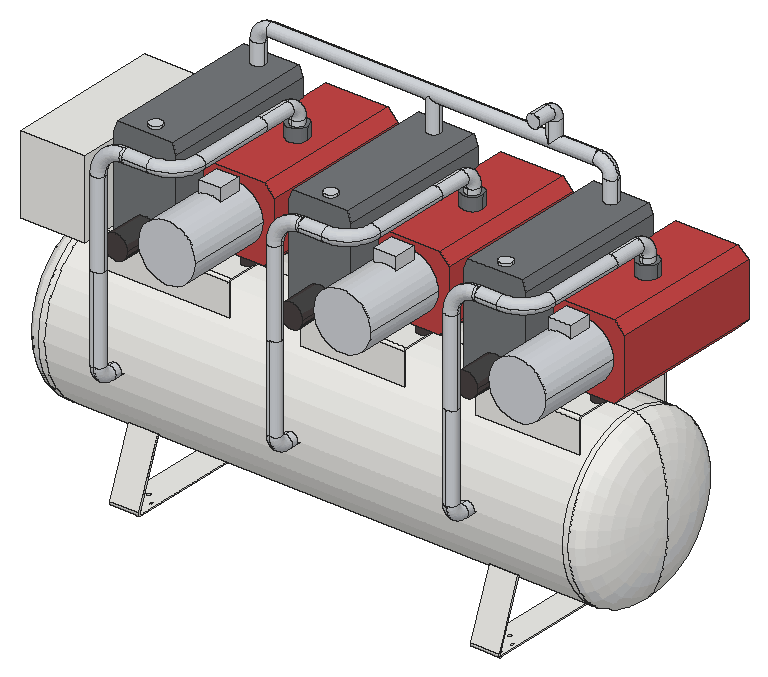
Revit family "HOSPIVAC EVISA 3", category Equipement de génie climatique, Revit 2018 (continued)
Definition of nested family "EVISA"
  Types (13, lengths in mm): name | ØSILENTB. | ØFILTRE_HUILE | ØCOUDE_REFOUL. | ØBRIDE | REFOUL_E40-100.R+SILENTB_N°5 | SILENTB_N°2 | SILENTB_N°1 | VISIBILITE_BRIDE | RAY_COUDE_REFOUL. | PUISS_ELECT | PUISSANCE_APPARENTE | PROF.VIDANGE | ZONE_MAINT_50 | POIDS(Kg) | NIVEAU_SONORE(dB(A)) | NEUTRE | LONG_ZONE_MAINT | LONG_OFFSET_SILENTB_E25/100.R | LARG_REFOUL_E25/100.R | LARG_OFFSET_VIDANGE | LARG_OFFSET_SILENTB_E25/100.R | LARGEUR | HAUT_REFOUL_E25/100.R | HAUT_REFOUL. | HAUT_OFFSET_VIDANGE | LONGUEUR | LARG_OFFSET_MOT_ELECT. | LARG_OFFSET_FILTRE | LARG_OFFSET_CORPS | OFFSET_BOITE_REFOUL. | LONG_OFFSET_REFOUL | LONG_OFFSET_CORPS | LONG_OFFSET_BRIDE | LONG_OFFSET_BOITE_BORNE | LONG_MOT_ELECT. | LONG_FILTRE_HUILE | LONG_ENTRAXE_SILENTB. | LONG_CORPS | LONG_BOITE_REFOUL. | ØMOT_ELECT. | LONG_BOITE_BORNE | LARG_OFFSET_OIL | LARG_OFFSET_COUDE_REFOUL. | LARG_OFFSET_BRIDE | LARG_OFFSET_BOITE_BORNE | LARG_ENTRAXE_SILENTB. | LARG_CORPS | LARG_BOITE_REFOUL. | LARG_BOITE_BORNE | HAUT_SILENTB. | LONG_REFOUL. | HAUT_BOITE_REFOUL. | HAUT_MOT_ELECT. | HAUT_FILTRE_HUILE | HAUT_CORPS | HAUT_BRIDE | HAUT_BOITE_BORNE | HAUTEUR | DIAM_REFOUL_VIDE | DIAM_ASPI_VIDE | DESCR_REFOUL | DESCR_ASPI | DESCR_ALIM_ELECT | DEBIT_REFOUL_VIDE | DEBIT_ASPI_VIDE | COUDE_REFOUL | CORPS | CHANF.CORPS | CHANF.REF.V
    g - E150.R | 50 | 93 | 64.5 | 80 | no | yes | yes | no | 51.6 | 3 kW | 3333.33 VA | 41 | 165 | 154 | 69 | no | 1319 | 104.587 | 62.175 | 192.5 | 235.702 | 516 | 67.5 | 477 | 50 | 919 | 42.5 | 118 | 121 | 155 | 394 | 478.5 | 260 | 33 | 385.5 | 138 | 260 | 504 | 610 | 255 | 127 | 53 | 277 | 141 | 63.5 | 344.5 | 278 | 238 | 127 | 25 | 65 | 420 | 168 | 82.5 | 312.5 | 360 | 353 | 426 | 50 | 50 | "Refoulement Vide ; 132 m³/h ; G 2\" FEM" | "Aspiration Vide ; 132 m³/h ; G 2\" FEM" | "Alimentation électrique, 4G2.5mm²" | 132.0 m³/h | 132.0 m³/h | yes | yes | 40 | 40
    h - E200.R | 50 | 93 | 64.5 | 80 | no | yes | yes | no | 51.6 | 4 kW | 4444.44 VA | 38 | 161 | 143 | 71 | no | 1317 | 104.587 | 62.175 | 192.5 | 235.702 | 516 | 67.5 | 477 | 50 | 917 | 35 | 118 | 121 | 155 | 394 | 569 | 260 | 31.7 | 323 | 138 | 260 | 594.5 | 610 | 220 | 86 | 53 | 277 | 141 | 43 | 344.5 | 278 | 238 | 86 | 25 | 61 | 420 | 172 | 82.5 | 312.5 | 360 | 320 | 426 | 50 | 50 | "Refoulement Vide ; 200 m³/h ; G 2\" FEM" | "Aspiration Vide ; 200 m³/h ; G 2\" FEM" | "Alimentation électrique, 4G2.5mm²" | 200.0 m³/h | 200.0 m³/h | yes | yes | 40 | 40
    k - E400.R | 60 | 93 | 95 | 138 | no | yes | yes | yes | 76 | 9 kW | 10000 VA | 27.5 | 178 | 408 | 72 | no | 1800 | 104.587 | 62.175 | 235 | 235.702 | 680 | 67.5 | 614 | 46 | 1400 | 0 | 220 | 188 | 81.5 | 523.5 | 827.5 | 376 | 43 | 510 | 121 | 376 | 883.5 | 685.5 | 310 | 135 | 51 | 349 | 170 | 76.5 | 464 | 383 | 299 | 153 | 28 | 78 | 533 | 210 | 95 | 431 | 509 | 443 | 544 | 80 | 80 | "Refoulement Vide ; 426 m³/h ; G 3\" FEM" | "Aspiration Vide ; 426 m³/h ; BRIDE DN80" | "Alimentation électrique, 4G6mm²" | 426.0 m³/h | 426.0 m³/h | yes | yes | 55 | 10
    l - E500.R | 60 | 93 | 95 | 138 | no | yes | yes | yes | 76 | 11 kW | 12222.2 VA | 27.5 | 178 | 462 | 73 | no | 1900 | 104.587 | 62.175 | 235 | 235.702 | 680 | 67.5 | 614 | 46 | 1500 | 0 | 220 | 186 | 81.5 | 523.5 | 853.5 | 376 | 67 | 552 | 121 | 376 | 943.5 | 685.5 | 348 | 180 | 51 | 349 | 168 | 105 | 464 | 381 | 299 | 210 | 28 | 78 | 533 | 210 | 95 | 431 | 509 | 466 | 544 | 80 | 80 | "Refoulement Vide ; 513 m³/h ; G 3\" FEM" | "Aspiration Vide ; 513 m³/h ; BRIDE DN80" | "Alimentation électrique, 4G6mm²" | 513.0 m³/h | 513.0 m³/h | yes | yes | 55 | 12
    m - E600.R | 60 | 93 | 95 | 138 | no | yes | yes | yes | 76 | 13 kW | 14444.4 VA | 27.5 | 178 | 531 | 74 | no | 2055 | 104.587 | 62.175 | 235 | 235.702 | 680 | 67.5 | 611 | 46 | 1655 | 0 | 220 | 186 | 81.5 | 523.5 | 900 | 376 | 65.5 | 614 | 121 | 376 | 1035 | 685.5 | 348 | 180 | 51 | 349 | 168 | 105 | 464 | 381 | 299 | 210 | 28 | 78 | 533 | 210 | 95 | 431 | 509 | 466 | 544 | 80 | 80 | "Refoulement Vide ; 635 m³/h ; G 3\" FEM" | "Aspiration Vide ; 635 m³/h ; BRIDE DN80" | "Alimentation électrique 4G10mm²" | 635.0 m³/h | 635.0 m³/h | yes | yes | 55 | 12
    b - E25.R | 30 | 76 | 30 | 50 | yes | no | no | no | 24 | 0.75 kW | 833.333 VA | 37 | 131 | 30 | 59 | yes | 843 | 104.587 | 45 | 63.3 | 253.5 | 300 | 55 | 225 | 38.5 | 443 | 72.3 | 62 | 22.2 | 67 | 214 | 300 | 159 | 179 | 397.5 | 76 | 187 | 49 | 312 | 189 | 85 | 44 | 131 | 85 | 42.5 | 253.5 | 172.2 | 128 | 85 | 21 | 31 | 258 | 115.5 | 65.5 | 180 | 228 | 237 | 258 | 25 | 25 | "Refoulement Vide ; 28 m³/h ; G 1\" FEM" | "Aspiration Vide ; 28 m³/h ; G 1\" FEM" | "Alimentation électrique, 4G1.5mm²" | 28.0 m³/h | 28.0 m³/h | no | no | 36 | 5
    d - E40.R | 30 | 76 | 30 | 50 | yes | no | no | no | 24 | 1.1 kW | 1222.22 VA | 37 | 131 | 34.3 | 58 | no | 843 | 104.587 | 47.5 | 63.3 | 253.5 | 300 | 55 | 225 | 38.5 | 443 | 72.3 | 62 | 22.2 | 67 | 214 | 300 | 159 | 179 | 397.5 | 76 | 187 | 49 | 312 | 189 | 85 | 44 | 131 | 85 | 42.5 | 253.5 | 172.2 | 128 | 85 | 21 | 31 | 257 | 115.5 | 65.5 | 180 | 228 | 237 | 258 | 25 | 25 | "Refoulement Vide ; 44 m³/h ; G 1\" FEM" | "Aspiration Vide ; 44 m³/h ; G 1\" FEM" | "Alimentation électrique, 4G1.5mm²" | 44.0 m³/h | 44.0 m³/h | no | no | 36 | 5
    e - E65.R | 30 | 76 | 15 | 60 | yes | yes | no | no | 12 | 1.5 kW | 1666.67 VA | 51.3 | 120 | 63.4 | 67 | no | 1097 | 200.5 | 48.5 | 63.5 | 234 | 331 | 60 | 248 | 43.5 | 697 | 8.5 | 62 | 99 | 98 | 449.5 | 571 | 351 | 411 | 686 | 76 | 351 | 49 | 567.5 | 215 | 110 | 55.5 | 78.5 | 107.5 | 55 | 205 | 204 | 127 | 110 | 23 | 20 | 285 | 127 | 65.5 | 180 | 279 | 253 | 285 | 32 | 32 | "Refoulement Vide ; 68 m³/h ; G 1\"1/4 FEM" | "Aspiration Vide ; 68 m³/h ; G 1\"1/4 FEM" | "Alimentation électrique, 4G1.5mm²" | 68.0 m³/h | 68.0 m³/h | no | no | 36 | 25
    f - E100.R | 30 | 76 | 15 | 60 | yes | yes | no | no | 12 | 2.2 kW | 2444.44 VA | 51.3 | 120 | 67.2 | 67 | no | 1097 | 200.5 | 50 | 63.5 | 235.8 | 331 | 60 | 248 | 43.5 | 697 | 8.5 | 62 | 99 | 49.223 | 498 | 571 | 351 | 411 | 686 | 76 | 351 | 49 | 567.5 | 215 | 110 | 55.5 | 79.5 | 97 | 55 | 205 | 207 | 124 | 110 | 23 | 20 | 285 | 127 | 65.5 | 180 | 279 | 253 | 285 | 32 | 32 | "Refoulement Vide ; 100 m³/h ; G 1\"1/4 FEM" | "Aspiration Vide ; 100 m³/h ; G 1\"1/4 FEM" | "Alimentation électrique, 4G1.5mm²" | 100.0 m³/h | 100.0 m³/h | no | no | 36 | 25
  Reference planes
    plane 1 "Centre (avant/arrière)": y = 0
    plane 2: z = 0
    plane 3 "Centre (gauche/droite)": x = 0
    plane 4: x = -545
    plane 5: x = -545
    plane 6: x = -245
    plane 7 "POS.SILENTB": y = -253.5
    plane 8: x = 187
    plane 9 "HAUTEUR SILENTB": z = 21
    plane 10: y = -275.7
    plane 11: y = -103.5
    plane 12 "FACE": y = 24.5
    plane 13: x = -67
    plane 14: x = 245
    plane 15: x = 251
    plane 16: x = 300
    plane 17 "GAUCHE": x = -146.5
    plane 18 "HAUTEUR FILTRE": z = 65.5
    plane 19 "HAUTEUR CORPS": z = 180
    plane 20 "HAUTEUR BOITE REFOUL": z = 257
    plane 21: x = -143
    plane 22 "OFFSET_FILT_HUILE": y = -37.5
    plane 23 "HAUTEUR MOTEUR": z = 115.5
    plane 24 "HAUTEUR BOITE BORNE": z = 237
    plane 25: x = 72
    plane 26: x = -13
    plane 27: y = -138.7
    plane 28: y = -223.7
    plane 29 "OFFSET_BRIDE": y = -190.7
    plane 30: x = 159
    plane 31 "HAUTEUR BRIDE": z = 228
    plane 32 "Refoulement": x = 214
    plane 33 "REFOULEMENT": y = -122.5
    plane 34 "HAUTEUR REFOUL": z = 225
    plane 35 "LG_REFOULEMENT": x = 245
    plane 36: x = -23
    plane 37 "OFFSET_LARG_MOT_ELECT.": y = -181.2
    plane 38 "OFFSET_LARG_VIDANGE": y = -38.8
    plane 39 "OFFSET_HAUT_VIDANGE": z = 38.5
    plane 40 "PROF.VIDANGE": x = 282
    plane 41 "HAUT_OFFSET_BRIDE": z = 225
    plane 42 "EPAISSEUR_BRIDE": z = 208
    plane 43 "HAUTEUR_REFOUL_E25/100.R": z = 202
    plane 44 "LARGEUR_REFOUL_E25/100.R": y = -151
    plane 45 "LARG_OFFSET_SILENTB_E25/100.R": x = 104.587
    plane 46: y = -253.5
    plane 47 "HAUT_ZONE_MAINT": z = 388
    plane 48 "ZONE_MAINT1": y = 224.5
    plane 49 "ZONE_MAINT2": y = -675.7
    plane 50 "ZONE_MAINT4": x = 696.5
    plane 51 "ZONE_MAINT3": x = -346.5
    plane 52 "BAS": z = 0
  Forms (mm)
    Extrusion 1, solid, not visible
      sketch origin (-671.698, -1524, 268) x (-1, 0, 0) y (0, -1, 0)
        loop
          circle (-126.698, -1132) r 25
      from 0 to 17
    Extrusion 2, solid, not visible
      sketch origin (-671.698, -1524, 268) x (-1, 0, 0) y (0, -1, 0)
        loop
          circle (-126.698, -1132) r 25
      from 0 to 17
    Extrusion 3, solid, not visible
      sketch origin (-371.698, -1524, 268) x (-1, 0, 0) y (0, -1, 0)
        loop
          circle (-126.698, -1132) r 25
      from 0 to 17
    Extrusion 4, solid
      sketch origin (-642.909, 391.084, 0) x (0.819152, -0.573576, 0) y (0.573576, 0.819152, 0)
        loop
          circle (750.957, 48.4) r 15
      from 0 to 21
    Extrusion 5, solid
      sketch origin (-411.344, 387.129, 0) x (0.819152, -0.573576, 0) y (0.573576, 0.819152, 0)
        loop
          circle (712.183, 26.079) r 15
      from 0 to 21
    Extrusion 6, solid, visible <- "SILENTB_N°1"
      sketch origin (-642.909, 46.084, 0) x (0.819152, -0.573576, 0) y (0.573576, 0.819152, 0)
        loop
          circle (698.474, 123.352) r 15
      from 0 to 21
    Extrusion 7, solid, visible <- "SILENTB_N°2"
      sketch origin (-384.128, 47.671, 0) x (0.819152, -0.573576, 0) y (0.573576, 0.819152, 0)
        loop
          circle (640.585, 80.881) r 15
      from 0 to 21
    Extrusion 8, solid, visible <- "CORPS"
      sketch origin (300, -181.5, 1200) x (0, 1, 0) y (0, 0, 1)
        loop
          line (78, -1179) -> (78, -1020) -> (-58.2, -1020) -> (-94.2, -1056) -> (-94.2, -1143) -> (-58.2, -1179) -> (78, -1179)
      from -49 to 0
    Extrusion 9, solid
      sketch origin (245, 313.535, 1200) x (0, 1, 0) y (0, 0, 1)
        loop
          line (-417.035, -948) -> (-417.035, -1179) -> (-289.035, -1179) -> (-289.035, -948) -> (-302.035, -943) -> (-404.035, -943) -> (-417.035, -948)
      from 0 to -312
    Extrusion 10, solid
      sketch origin (-67, 275.881, 1200) x (0, 1, 0) y (0, 0, 1)
        loop
          circle (-313.381, -1134.5) r 38
      from 0 to -76
    Extrusion 11, solid
      sketch origin (-67, 275.881, 1200) x (0, 1, 0) y (0, 0, 1)
        loop
          circle (-457.081, -1084.5) r 94.5
      from 318 to -79.5
    Extrusion 12, solid
      sketch origin (0, -298.805, 362) x (0, 1, 0) y (-1, 0, 0)
        loop
          line (160.105, 13) -> (75.105, 13) -> (75.105, -72) -> (160.105, -72) -> (160.105, 13)
      from -125 to -246.5
    Extrusion 13, solid
      sketch origin (0, -298.805, 237) x (0, 1, 0) y (-1, 0, 0)
        loop
          circle (108.105, -159) r 25
      from -9 to -57
    Sweep 14, solid, visible <- "COUDE_REFOUL"
      path origin (400.091, -122.5, 1200) x (-1, 0, 0) y (0, 0, 1)
        loop
          line (186.091, -1020) -> (186.091, -999)
          arc (186.091, -999) -> (179.061, -982.029) -> (162.091, -975) r 24
          line (162.091, -975) -> (155.091, -975)
      profile origin (214, -122.5, 190.5) x (1, 0, 0) y (0, 1, 0)
        loop
          circle (0, 0) r 15
    Extrusion 15, solid, visible <- "SILENTB_N°1"
      sketch origin (0, 84.824, 257) x (0, 1, 0) y (-1, 0, 0)
        loop
          circle (-207.324, 23) r 24.25
      from 0 to 7
    Extrusion 16, solid
      sketch origin (245, 313.535, 1200) x (0, 1, 0) y (0, 0, 1)
        loop
          circle (-352.335, -1161.5) r 15
      from 0 to 37
    Extrusion 17, solid, visible <- "VISIBILITE_BRIDE"
      sketch origin (146.61, -1524, 357) x (-1, 0, 0) y (0, -1, 0)
        loop
          circle (-12.39, -1333.3) r 100
      from -132 to -149
    Extrusion 18, void
      sketch origin (146.61, -1524, 225) x (0, -1, 0) y (-1, 0, 0)
        loop
          circle (-1407.207, 18.224) r 9
        loop
          circle (-1363.9, 61.51) r 9
        loop
          circle (-1407.2, -42.99) r 9
        loop
          circle (-1363.9, -86.29) r 9
        loop
          circle (-1302.7, 61.51) r 9
        loop
          circle (-1302.7, -86.29) r 9
        loop
          circle (-1259.4, 18.21) r 9
        loop
          circle (-1259.4, -42.99) r 9
      from -3 to 17
    Extrusion 19, solid, visible <- "REFOUL_E40-100.R+SILENTB_N°5"
      sketch origin (245, 313.535, 1200) x (0, 1, 0) y (0, 0, 1)
        loop
          line (-417.035, -998) -> (-417.035, -948) -> (-404.035, -943) -> (-444.535, -943)
          arc (-444.535, -943) -> (-458.677, -948.858) -> (-464.535, -963) r 20
          line (-464.535, -963) -> (-464.535, -978)
          arc (-464.535, -978) -> (-458.677, -992.142) -> (-444.535, -998) r 20
          line (-444.535, -998) -> (-417.035, -998)
      from 0 to -58
    Extrusion 20, solid, visible <- "REFOUL_E40-100.R+SILENTB_N°5"
      sketch origin (0, 0, 0) x (1, 0, 0) y (0, 1, 0)
        loop
          circle (104.587, -253.5) r 15
      from 0 to 115.5
    Extrusion 21, solid, visible <- "ZONE_MAINTENANCE"
      sketch origin (0, 0, 0) x (1, 0, 0) y (0, 1, 0)
        loop
          line (-346.5, 224.5) -> (-346.5, -675.7) -> (696.5, -675.7) -> (696.5, 224.5) -> (-346.5, 224.5)
      from 0 to 388
  Cuts and joins
    joined: Extrusion 11, Extrusion 12
    Extrusion 18 cuts Extrusion 17
  Dimensions and locks
    "LONG_ENTRAXE_SILENTB.": plane 8 to plane 3 "Centre (gauche/droite)"
    "LARG_ENTRAXE_SILENTB.": plane 7 "POS.SILENTB" to plane 1 "Centre (avant/arrière)"
    "HAUT_SILENTB.": plane 9 "HAUTEUR SILENTB" to level
    "LARG_BOITE_REFOUL.": plane 12 "FACE" to plane 11
    "LARG_OFFSET_CORPS": plane 7 "POS.SILENTB" to plane 10
    "LARG_CORPS": plane 11 to plane 10
    "LONG_BOITE_REFOUL.": plane 13 to plane 14
    "OFFSET_BOITE_REFOUL.": plane 13 to plane 3 "Centre (gauche/droite)"
    "LONG_CORPS": plane 15 to plane 16
    "LONG_MOT_ELECT.": plane 17 "GAUCHE" to plane 15
    "CHANF.CORPS": Extrusion 8 sketch curve to Extrusion 8 sketch curve  (x4)
    "HAUT_FILTRE_HUILE": plane 18 "HAUTEUR FILTRE" to level
    "HAUT_CORPS": plane 19 "HAUTEUR CORPS" to level
    "HAUT_BOITE_REFOUL.": plane 20 "HAUTEUR BOITE REFOUL" to level
    locked: Extrusion 9 sketch curve to Extrusion 9 sketch curve at 13  (x2)
    "CHANF.REF.V": Extrusion 9 sketch curve to Extrusion 9 sketch curve  (x2)
    "LARG_OFFSET_FILTRE": plane 12 "FACE" to plane 22 "OFFSET_FILT_HUILE"
    "HAUT_MOT_ELECT.": plane 23 "HAUTEUR MOTEUR" to level
    "HAUT_BOITE_BORNE": plane 24 "HAUTEUR BOITE BORNE" to level
    "LARG_BOITE_BORNE": plane 27 to plane 28
    "LONG_BOITE_BORNE": plane 26 to plane 25
    "LONG_OFFSET_BOITE_BORNE": plane 25 to plane 15
    "LONG_OFFSET_CORPS": plane 3 "Centre (gauche/droite)" to plane 16
    "LONG_OFFSET_BRIDE": plane 3 "Centre (gauche/droite)" to plane 30
    "HAUT_BRIDE": plane 31 "HAUTEUR BRIDE" to level
    "LONG_OFFSET_REFOUL": plane 3 "Centre (gauche/droite)" to plane 32 "Refoulement"
    "LARG_OFFSET_COUDE_REFOUL.": plane 33 "REFOULEMENT" to plane 7 "POS.SILENTB"
    "LONG_REFOUL.": plane 32 "Refoulement" to plane 35 "LG_REFOULEMENT"
    "LARG_OFFSET_OIL": plane 13 to plane 36
    "LARG_OFFSET_MOT_ELECT.": plane 37 "OFFSET_LARG_MOT_ELECT." to plane 7 "POS.SILENTB"
    "LARG_OFFSET_BOITE_BORNE": plane 27 to plane 37 "OFFSET_LARG_MOT_ELECT."
    "HAUT_OFFSET_VIDANGE": plane 39 "OFFSET_HAUT_VIDANGE" to level
    "LARG_OFFSET_VIDANGE": plane 38 "OFFSET_LARG_VIDANGE" to plane 12 "FACE"
    "PROF.VIDANGE": plane 14 to plane 40 "PROF.VIDANGE"
    "LONG_FILTRE_HUILE": plane 21 to plane 13
    "LARG_OFFSET_BRIDE": plane 29 "OFFSET_BRIDE" to plane 10
    locked: plane 41 "HAUT_OFFSET_BRIDE" to plane 42 "EPAISSEUR_BRIDE" at 17
    locked: Extrusion 18 sketch curve to plane 30 at 30.613
    locked: plane 29 "OFFSET_BRIDE" to Extrusion 18 sketch curve at 73.907
    locked: Extrusion 18 sketch curve to plane 30 at 73.9  (x2)
    locked: plane 29 "OFFSET_BRIDE" to Extrusion 18 sketch curve at 30.6
    locked: plane 29 "OFFSET_BRIDE" to Extrusion 18 sketch curve at 73.9
    locked: plane 30 to Extrusion 18 sketch curve at 30.6
    plane 29 "OFFSET_BRIDE" to Extrusion 18 sketch curve = 30.6 mm
    plane 30 to Extrusion 18 sketch curve = 73.9 mm
    locked: Extrusion 18 sketch curve to plane 29 "OFFSET_BRIDE" at 30.6  (x2)
    locked: Extrusion 18 sketch curve to plane 30 at 30.6
    locked: Extrusion 18 sketch curve to plane 29 "OFFSET_BRIDE" at 73.9  (x2)
    plane 30 to Extrusion 18 sketch curve = 30.6 mm
    locked: plane 30 to Extrusion 18 sketch curve at 73.9
    locked: plane 31 "HAUTEUR BRIDE" to plane 41 "HAUT_OFFSET_BRIDE" at 3
    "LARG_REFOUL_E25/100.R": plane 44 "LARGEUR_REFOUL_E25/100.R" to plane 11
    "HAUT_REFOUL_E25/100.R": plane 43 "HAUTEUR_REFOUL_E25/100.R" to plane 20 "HAUTEUR BOITE REFOUL"
    "LONG_OFFSET_SILENTB_E25/100.R": plane 3 "Centre (gauche/droite)" to plane 45 "LARG_OFFSET_SILENTB_E25/100.R"
    "LARG_OFFSET_SILENTB_E25/100.R": plane 1 "Centre (avant/arrière)" to plane 46
    "ZONE_MAINT_200": plane 51 "ZONE_MAINT3" to plane 17 "GAUCHE"
    "ZONE_MAINT_200": plane 48 "ZONE_MAINT1" to plane 12 "FACE"
    "ZONE_MAINT_400": plane 10 to plane 49 "ZONE_MAINT2"
    "ZONE_MAINT_50": plane 47 "HAUT_ZONE_MAINT" to plane 20 "HAUTEUR BOITE REFOUL"
    "HAUT_REFOUL.": plane 34 "HAUTEUR REFOUL" to level
    "LONG_ZONE_MAINT": plane 17 "GAUCHE" to plane 50 "ZONE_MAINT4"
    radius of Extrusion 1 sketch curve = 25 mm
    radius of Extrusion 2 sketch curve = 25 mm
    radius of Extrusion 3 sketch curve = 25 mm
    "ØSILENTB.": diameter of Extrusion 4 sketch curve
    "ØSILENTB.": diameter of Extrusion 5 sketch curve
    "ØSILENTB.": diameter of Extrusion 6 sketch curve
    "ØSILENTB.": diameter of Extrusion 7 sketch curve
    "ØFILTRE_HUILE": diameter of Extrusion 10 sketch curve
    "ØMOT_ELECT.": diameter of Extrusion 11 sketch curve
    "ØBRIDE": diameter of Extrusion 13 sketch curve
    "ØCOUDE_REFOUL.": diameter of Sweep 14 sketch curve
    "RAY_COUDE_REFOUL.": radius of Sweep 14 sketch curve
    "ØBOUCH_OIL": diameter of Extrusion 15 sketch curve
    "ØVIDANGE": diameter of Extrusion 16 sketch curve
    diameter of Extrusion 17 sketch curve = 200 mm
    diameter of Extrusion 18 sketch curve = 18 mm  (x8)
    radius of Extrusion 19 sketch curve = 20 mm  (x2)
    "ØSILENTB.": diameter of Extrusion 20 sketch curve
    aligned and locked: level to plane 2
    aligned and locked: Extrusion 4 to level
    aligned and locked: plane 9 "HAUTEUR SILENTB" to Extrusion 4
    aligned and locked: plane 8 to Extrusion 5 sketch curve
    aligned and locked: plane 1 "Centre (avant/arrière)" to Extrusion 5 sketch curve
    aligned and locked: plane 1 "Centre (avant/arrière)" to Extrusion 4 sketch curve
    aligned and locked: plane 3 "Centre (gauche/droite)" to Extrusion 4 sketch curve
    aligned and locked: plane 3 "Centre (gauche/droite)" to Extrusion 6 sketch curve
    aligned and locked: plane 7 "POS.SILENTB" to Extrusion 6 sketch curve
    aligned and locked: plane 8 to Extrusion 7 sketch curve
    aligned and locked: plane 7 "POS.SILENTB" to Extrusion 7 sketch curve
    aligned and locked: plane 9 "HAUTEUR SILENTB" to Extrusion 7
    aligned and locked: Extrusion 4 to Extrusion 7
    aligned and locked: Extrusion 5 to Extrusion 4
    aligned and locked: Extrusion 6 to Extrusion 4
    aligned and locked: Extrusion 6 to level
    aligned and locked: Extrusion 7 to level
    aligned and locked: Extrusion 5 to level
    aligned and locked: plane 9 "HAUTEUR SILENTB" to Extrusion 8 sketch curve
    aligned and locked: Extrusion 8 sketch curve to plane 11
    aligned and locked: Extrusion 8 sketch curve to plane 19 "HAUTEUR CORPS"
    aligned and locked: plane 10 to Extrusion 8 sketch curve
    aligned and locked: plane 16 to Extrusion 8
    aligned and locked: Extrusion 8 to plane 15
    aligned and locked: Extrusion 9 sketch curve to plane 9 "HAUTEUR SILENTB"
    aligned and locked: Extrusion 9 sketch curve to plane 11
    aligned and locked: Extrusion 9 sketch curve to plane 12 "FACE"
    aligned and locked: Extrusion 9 sketch curve to plane 20 "HAUTEUR BOITE REFOUL"
    aligned and locked: Extrusion 9 to plane 14
    aligned and locked: Extrusion 9 to plane 13
    aligned and locked: plane 18 "HAUTEUR FILTRE" to Extrusion 10 sketch curve
    aligned and locked: plane 22 "OFFSET_FILT_HUILE" to Extrusion 10 sketch curve
    aligned and locked: Extrusion 10 to plane 21
    aligned and locked: plane 23 "HAUTEUR MOTEUR" to Extrusion 11 sketch curve
    aligned and locked: plane 15 to Extrusion 11
    aligned and locked: Extrusion 11 to plane 17 "GAUCHE"
    aligned and locked: plane 27 to Extrusion 12 sketch curve
    aligned and locked: plane 26 to Extrusion 12 sketch curve
    aligned and locked: Extrusion 12 sketch curve to plane 28
    aligned and locked: Extrusion 12 sketch curve to plane 25
    aligned and locked: plane 24 "HAUTEUR BOITE BORNE" to Extrusion 12
    aligned and locked: Extrusion 12 to plane 23 "HAUTEUR MOTEUR"
    aligned and locked: Extrusion 13 sketch curve to plane 29 "OFFSET_BRIDE"
    aligned and locked: plane 30 to Extrusion 13 sketch curve
    aligned and locked: Extrusion 13 to plane 31 "HAUTEUR BRIDE"
    aligned and locked: Extrusion 13 to plane 19 "HAUTEUR CORPS"
    aligned and locked: profile plane to Sweep 14 sketch curve  (x2)
    aligned and locked: Sweep 14 sketch curve to plane 34 "HAUTEUR REFOUL"
    aligned and locked: Sweep 14 sketch curve to plane 32 "Refoulement"
    aligned and locked: plane 35 "LG_REFOULEMENT" to Sweep 14 sketch curve
    aligned and locked: plane 36 to Extrusion 15 sketch curve
    aligned and locked: plane 37 "OFFSET_LARG_MOT_ELECT." to Extrusion 11 sketch curve
    aligned and locked: Extrusion 16 sketch curve to plane 38 "OFFSET_LARG_VIDANGE"
    aligned and locked: Extrusion 16 sketch curve to plane 39 "OFFSET_HAUT_VIDANGE"
    aligned and locked: Extrusion 16 to plane 40 "PROF.VIDANGE"
    aligned and locked: plane 33 "REFOULEMENT" to Extrusion 15 sketch curve
    aligned and locked: Extrusion 17 sketch curve to plane 29 "OFFSET_BRIDE"
    aligned and locked: plane 30 to Extrusion 17 sketch curve
    aligned and locked: Extrusion 17 to plane 42 "EPAISSEUR_BRIDE"
    aligned and locked: plane 31 "HAUTEUR BRIDE" to Extrusion 18
    aligned and locked: Extrusion 18 to plane 42 "EPAISSEUR_BRIDE"
    aligned and locked: plane 41 "HAUT_OFFSET_BRIDE" to Extrusion 17
    aligned and locked: Extrusion 19 sketch curve to plane 43 "HAUTEUR_REFOUL_E25/100.R"
    aligned and locked: plane 20 "HAUTEUR BOITE REFOUL" to Extrusion 19 sketch curve
    aligned and locked: Extrusion 19 sketch curve to Extrusion 9  (x2)
    aligned and locked: Extrusion 19 sketch curve to plane 44 "LARGEUR_REFOUL_E25/100.R"
    aligned and locked: Extrusion 19 to plane 8
    aligned and locked: plane 23 "HAUTEUR MOTEUR" to Extrusion 20
    aligned and locked: plane 45 "LARG_OFFSET_SILENTB_E25/100.R" to Extrusion 20 sketch curve
    aligned and locked: plane 46 to Extrusion 20 sketch curve
    aligned and locked: Extrusion 21 to level
    aligned and locked: plane 48 "ZONE_MAINT1" to Extrusion 21
    aligned and locked: Extrusion 21 to plane 51 "ZONE_MAINT3"
    aligned and locked: Extrusion 21 to plane 49 "ZONE_MAINT2"
    aligned and locked: Extrusion 21 to plane 50 "ZONE_MAINT4"
    aligned and locked: Extrusion 21 to plane 47 "HAUT_ZONE_MAINT"
    aligned and locked: level to plane 52 "BAS"
    aligned and locked: plane 19 "HAUTEUR CORPS" to Sweep 14 sketch curve
  Automatic sketch dimensions
    Extrusion 21 sketch curve to plane 21 = 203.5 mm
    plane 16 to Extrusion 21 sketch curve = 396.5 mm
    Extrusion 21 sketch curve to plane 10 = 400 mm
    plane 12 "FACE" to Extrusion 21 sketch curve = 200 mm
  Connectors
    electrical at (29.5, -223.7, 218.452), driven by "TENSION_ALIM", driven by "PUISSANCE_APPARENTE", driven by "DESCR_ALIM_ELECT"
      settings: on cut or joined group of Extrusion 11, Extrusion 12, index 1, voltage 400 V, apparent load 1222.22 VA, apparent load phase1 0 VA, apparent load phase2 0 VA, apparent load phase3 0 VA, power factor 1, load classification none, number of poles 3, system type 30, power factor state 1, is connector primary yes, connector utility yes, sub classification motor no, connector description "Alimentation électrique, 4G1.5mm²"
    piping at (245, -122.5, 225), diameter 25, driven by "DIAM_REFOUL_VIDE", driven by "DESCR_ASPI", driven by "DEBIT_REFOUL_VIDE"
      settings: on Sweep 14, index 2, connector inside diameter 609.6 mm, connector length 0 mm, flow factor 0, pipe flow 44.0 m³/h, pressure drop 0.0 Pa, fitting loss kfactor 0, connector angle 0.00°, fixture units 0, engagement length 0 mm, angle of deflection 0.00°, flow configuration 0, flow direction 2, fitting loss method 0, system type 22, joint type 0, gender type 0, connector reference index -1, connector utility 1, adjustable connector no, is connector primary yes, connector description "Aspiration Vide ; 44 m³/h ; G 1\" FEM"
    piping at (159, -190.7, 228), diameter 25, driven by "DIAM_ASPI_VIDE", driven by "DEBIT_ASPI_VIDE", driven by "DESCR_ASPI"
      settings: on Extrusion 13, index 3, connector inside diameter 609.6 mm, connector length 0 mm, flow factor 0, pipe flow 44.0 m³/h, pressure drop 0.0 Pa, fitting loss kfactor 0, connector angle 0.00°, fixture units 0, engagement length 0 mm, angle of deflection 0.00°, flow configuration 0, flow direction 1, fitting loss method 0, system type 22, joint type 0, gender type 0, connector reference index -1, connector utility 1, adjustable connector no, is connector primary no, connector description "Aspiration Vide ; 44 m³/h ; G 1\" FEM"
Types (7, lengths in mm): name | ØVIROLE | ØPOT_FILTRE | ØFILTRE | ØCANA | TAILLE_POMPE | PUISS_ELECT_2 | PUISS_ELECT | PUISS_APPARENTE_2 | PUISS_APPARENTE | POIDS(Kg) | OFFSET_LONG_REFOUL | OFFSET_LONG_PPE_3 | OFFSET_LONG_PPE_2 | OFFSET_LONG_PPE | OFFSET_LONG_FILTRE2 | OFFSET_LONG_FILTRE1 | OFFSET_LONG_CANA_ASPI | OFFSET_LARG_REFOUL | OFFSET_HAUT_SELLETTE | OFFSET_COUDE_CANA_FILTRE | OFFSET2_LARG_ZONE_MAINT | OFFSET1_LARG_ZONE_MAINT | NIVEAU_SONORE(dB(A)) | LONG_FOND | LONGUEUR | LARGEUR | HAUT_TETE_FILTRE | HAUT_CANA_FILTRE | HAUTEUR | ENTRAXE_CANA_ASPI | OFFSET_LARG_PPE | OFFSET_LARG_FILTRE | LONG_SELLETTE_2_3 | LONG_SELLETTE_1 | LONG_OFFSET_REFOUL | OFFSET_LONG_CANA_REFOUL | LONG_ENTRAXE_PIED | LG_VIROLE | HAUT_VIROLE | OFFSET_HAUT_FILTRE | HAUT_REFOUL | HAUT_FILTRE | HAUT_CANA_REFOUL | HAUT_ASPI | ENTRAXE_SELLETTE | DIAM_REFOUL_VIDE | DIAM_ASPI_VIDE | DESCR_REFOUL | DESCR_ASPI | DESCR_ALIM_Y | DESCR_ALIM_X | DEBIT_REFOUL_VIDE | DEBIT_ASPI_VIDE
  (no name) | 650 | 150 | 185 | 50 | EVISA : h - E200.R | 8 kW | 4 kW | 8888.89 VA | 4444.44 VA | 715 | 221 | 1440 | 765 | 90 | 40 | 650 | 414.5 | 310.5 | 860 | 230 | 625 | 692.5 | 71 | 145 | 2300 | 1350 | 104 | 30 | 1560 | 680 | 432 | 410 | 400 | 510 | 220 | 1823 | 1500 | 2000 | 155 | 745 | 1520 | 400 | 1410 | 1290 | 275 | 50 | 50 | "Refoulement Vide ; 3x200 m³/h ; G 2\"MAL" | "Aspiration Vide ; 3x200 m³/h ; G 2\"FEM" | "Alimentation Y ; 4G4mm²" | "Alimentation X ; 4G2.5mm²" | 600.0 m³/h | 600.0 m³/h
  e - HOSPIVAC 3 E150.R | 650 | 150 | 185 | 50 | EVISA : g - E150.R | 6 kW | 3 kW | 6666.67 VA | 3333.33 VA | 750 | 221 | 1440 | 765 | 90 | 40 | 650 | 414.5 | 310.5 | 860 | 230 | 625 | 692.5 | 69 | 145 | 2300 | 1350 | 104 | 30 | 1560 | 680 | 494.5 | 410 | 400 | 510 | 220 | 1823 | 1500 | 2000 | 155 | 745 | 1520 | 400 | 1410 | 1290 | 275 | 50 | 50 | "Refoulement Vide ; 3x132 m³/h ; G 2\"MAL" | "Aspiration Vide ; 3x132 m³/h ; G 2\"FEM" | "Alimentation Y ; 4G4mm²" | "Alimentation X ; 4G2.5mm²" | 396.0 m³/h | 396.0 m³/h
  f - HOSPIVAC 3 E200.R | 650 | 150 | 185 | 50 | EVISA : h - E200.R | 8 kW | 4 kW | 8888.89 VA | 4444.44 VA | 715 | 221 | 1440 | 765 | 90 | 40 | 650 | 414.5 | 310.5 | 860 | 230 | 625 | 692.5 | 71 | 145 | 2300 | 1350 | 104 | 30 | 1560 | 680 | 432 | 410 | 400 | 510 | 220 | 1823 | 1500 | 2000 | 155 | 745 | 1520 | 400 | 1410 | 1290 | 275 | 50 | 50 | "Refoulement Vide ; 3x200 m³/h ; G 2\"MAL" | "Aspiration Vide ; 3x200 m³/h ; G 2\"FEM" | "Alimentation Y ; 4G4mm²" | "Alimentation X ; 4G2.5mm²" | 600.0 m³/h | 600.0 m³/h
  a - HOSPIVAC 3 E25.R | 600 | 92 | 114 | 25 | EVISA : b - E25.R | 1.5 kW | 0.75 kW | 1666.67 VA | 833.333 VA | 275 | 200 | 1078 | 595 | 110 | 300 | 370 | 350 | 139 | 795 | 145 | 612.5 | 657 | 59 | 134.5 | 1780 | 830 | 67 | 22 | 1200 | 480 | 221.5 | 410 | 310 | 405 | 200 | 1370 | 1180 | 1490 | 142 | 640 | 1170 | 460 | 1110 | 1085 | 173 | 25 | 25 | "Refoulement Vide ; 3x28 m³/h ; G 1\"MAL" | "Aspiration Vide ; 3x28 m³/h ; G 1\"FEM" | "Alimentation Y ; 4G1.5mm²" | "Alimentation X ; 4G1.5mm²" | 84.0 m³/h | 84.0 m³/h
  b - HOSPIVAC 3 E40.R | 600 | 92 | 114 | 25 | EVISA : d - E40.R | 2.2 kW | 1.1 kW | 2444.44 VA | 1222.22 VA | 295 | 200 | 1078 | 595 | 110 | 300 | 370 | 350 | 139 | 795 | 145 | 612.5 | 657 | 58 | 134.5 | 1780 | 830 | 67 | 22 | 1200 | 480 | 221.5 | 370 | 310 | 405 | 200 | 1370 | 1180 | 1490 | 142 | 640 | 1170 | 341 | 1110 | 1085 | 173 | 25 | 25 | "Refoulement Vide ; 3x44 m³/h ; G 1\"MAL" | "Aspiration Vide ; 3x44 m³/h ; G 1\"FEM" | "Alimentation Y ; 4G1.5mm²" | "Alimentation X ; 4G1.5mm²" | 132.0 m³/h | 132.0 m³/h
  c - HOSPIVAC 3 E65.R | 650 | 150 | 190 | 40 | EVISA : e - E65.R | 3 kW | 1.5 kW | 3333.33 VA | 1666.67 VA | 455 | 221 | 1540 | 865 | 180 | 40 | 650 | 414.5 | 268.5 | 860 | 230 | 620 | 695 | 67 | 145 | 2300 | 880 | 104 | 60 | 1350 | 680 | 345 | 410 | 400 | 510 | 200 | 1948.5 | 1500 | 2000 | 155 | 745 | 1340 | 403 | 1220 | 1190 | 275 | 40 | 32 | "Refoulement Vide ; 3x68 m³/h ; G 1\"1/2MAL" | "Aspiration Vide ; 3x68 m³/h ; G 1\"1/4FEM" | "Alimentation Y ; 4G1.5mm²" | "Alimentation X ; 4G1.5mm²" | 204.0 m³/h | 204.0 m³/h
  d - HOSPIVAC 3 E100.R | 650 | 150 | 190 | 40 | EVISA : f - E100.R | 4.4 kW | 2.2 kW | 4888.89 VA | 2444.44 VA | 465 | 221 | 1540 | 865 | 180 | 40 | 650 | 414.5 | 317 | 860 | 230 | 620 | 695 | 67 | 145 | 2300 | 880 | 104 | 60 | 1350 | 680 | 345 | 410 | 400 | 510 | 200 | 1948.5 | 1500 | 2000 | 155 | 745 | 1340 | 403 | 1220 | 1190 | 275 | 40 | 32 | "Refoulement Vide ; 3x100 m³/h ; G 1\"1/2MAL" | "Aspiration Vide ; 3x100 m³/h ; G 1\"1/4FEM" | "Alimentation Y ; 4G2.5mm²" | "Alimentation X ; 4G1.5mm²" | 100.0 m³/h | 100.0 m³/h
